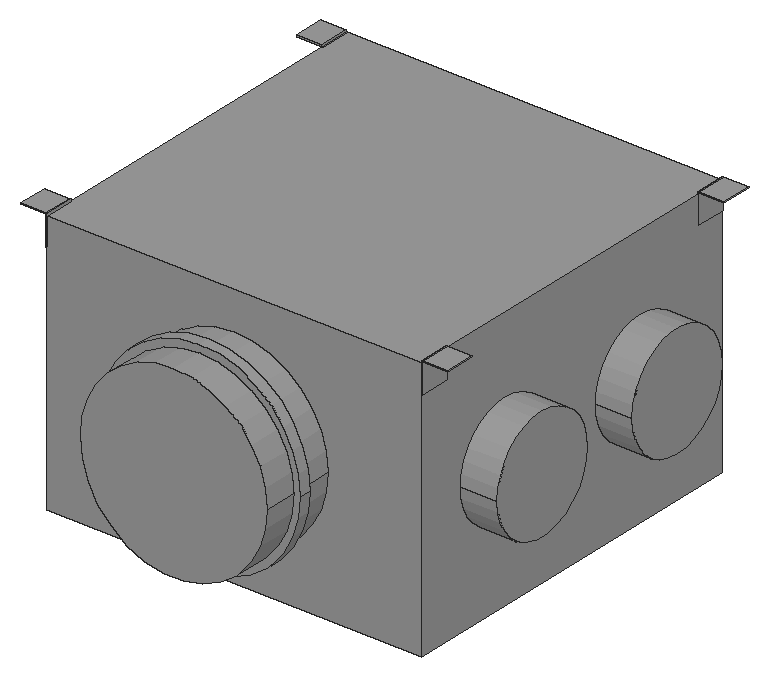
Revit family "FASU(F4-150 250Φ)", category ダクト付属品, Revit 2020
Family settings
  丸型コネクタ寸法 = 直径を使用
  パーツ タイプ = ダンパー
  OmniClass 番号 = 23.75.00.00
  OmniClass タイトル = Climate Control (HVAC)
  作業面ベース = いいえ
  常に垂直 = はい
  ロード時にボイドで切り取り = いいえ
  共有 = いいえ
Parameters
  高さ = 350 mm
  風量 = 0.0 L/s
  符号 = "FASU"
  形式 = "F4-150 250φ"
  幅 [instance] = 500 mm
  奥行き = 500 mm
  大きさ = 250 mm
  呼称 = "FASUチャンバー"
  付属品_下端レベル [instance] = 0 mm
  マテリアル [instance] = 既定値
  ダクト_イン = 250 mm
  ダクト_アウト = 150 mm
  既定の高さ = 0 mm
Reference planes
  plane 1 "中心(正面/背面)": y = 0
  plane 2: z = 0
  plane 3 "中心(左/右)": x = 0
  plane 4: x = -250
  plane 5: x = 250
  plane 6: y = -500
  plane 7: z = 350
  plane 8: z = 175
  plane 9: z = 266.963
  plane 10: z = 86.159
  plane 11: x = -125
  plane 12: x = 125
  plane 13: x = -135
  plane 14: x = 135
  plane 15: x = -251
  plane 16: z = 313.122
  plane 17: z = 352.122
  plane 18: y = -250
Forms (mm)
  Extrusion 1, solid, material "既定値" <- "マテリアル"
    sketch origin (0, 0, 0) x (1, 0, 0) y (0, 1, 0)
      loop
        line (-250, 0) -> (-250, -500) -> (250, -500) -> (250, 0) -> (-250, 0)
    from 0 to 350
  Extrusion 2, solid, material "既定値" <- "マテリアル"
    sketch origin (0, -30, 0) x (1, 0, 0) y (0, 0, 1)
      loop
        circle (0, 175) r 125
    from 470 to 512.5
  Extrusion 3, solid, material "既定値" <- "マテリアル"
    sketch origin (0, -30, 0) x (1, 0, 0) y (0, 0, 1)
      loop
        circle (0, 175) r 135
    from 512.5 to 527.5
  Extrusion 4, solid, material "既定値" <- "マテリアル"
    sketch origin (0, -117.5, 0) x (1, 0, 0) y (0, 0, 1)
      loop
        circle (0, 175) r 125
    from 440 to 482.5
  Extrusion 5, solid, material "既定値" <- "マテリアル"
    sketch origin (0, -30, 0) x (0, 1, 0) y (0, 0, 1)
      loop
        circle (-332.5, 175) r 74.985
    from -300 to -250
  Extrusion 6, solid, material "既定値" <- "マテリアル"
    sketch origin (550, -30, 0) x (0, 1, 0) y (0, 0, 1)
      loop
        circle (-332.5, 175) r 74.985
    from -300 to -250
  Extrusion 7, solid, material "既定値" <- "マテリアル"
    sketch origin (0, -30, 0) x (1, 0, 0) y (0, 1, 0)
      loop
        line (-250, 30) -> (-251, 30) -> (-251, -10) -> (-250, -10) -> (-250, 30)
    from 313.122 to 350
  Extrusion 8, solid, material "既定値" <- "マテリアル"
    sketch origin (0, -30, 0) x (1, 0, 0) y (0, 1, 0)
      loop
        line (-285, 30) -> (-285, -10) -> (-251, -10) -> (-251, 30) -> (-285, 30)
    from 352.122 to 350
  Extrusion 9, solid, material "既定値" <- "マテリアル"
    sketch origin (0, -30, 0) x (-1, 0, 0) y (0, -1, 0)
      loop
        line (-250, -30) -> (-250, 10) -> (-251, 10) -> (-251, -30) -> (-250, -30)
    from 313.122 to 353.122
  Extrusion 10, solid, material "既定値" <- "マテリアル"
    sketch origin (0, -30, 0) x (-1, 0, 0) y (0, -1, 0)
      loop
        line (-285, -30) -> (-251, -30) -> (-251, 10) -> (-285, 10) -> (-285, -30)
    from 352.122 to 353.122
  Extrusion 11, solid, material "既定値" <- "マテリアル"
    sketch origin (0, -490, 0) x (1, 0, 0) y (0, 1, 0)
      loop
        line (-285, 30) -> (-285, -10) -> (-251, -10) -> (-251, 30) -> (-285, 30)
    from 352.122 to 353.122
  Extrusion 12, solid, material "既定値" <- "マテリアル"
    sketch origin (0, -490, 0) x (1, 0, 0) y (0, 1, 0)
      loop
        line (-250, 30) -> (-251, 30) -> (-251, -10) -> (-250, -10) -> (-250, 30)
    from 313.122 to 353.122
  Extrusion 13, solid, material "既定値" <- "マテリアル"
    sketch origin (0, -490, 0) x (-1, 0, 0) y (0, -1, 0)
      loop
        line (-285, -30) -> (-251, -30) -> (-251, 10) -> (-285, 10) -> (-285, -30)
    from 352.122 to 353.122
  Extrusion 14, solid, material "既定値" <- "マテリアル"
    sketch origin (0, -490, 0) x (-1, 0, 0) y (0, -1, 0)
      loop
        line (-250, -30) -> (-250, 10) -> (-251, 10) -> (-251, -30) -> (-250, -30)
    from 313.122 to 353.122
  Extrusion 15, solid, material "既定値" <- "マテリアル"
    sketch origin (550, -470, 0) x (0, -1, 0) y (0, 0, -1)
      loop
        circle (-332.5, -175) r 74.985
    from -300 to -250
  Extrusion 16, solid, material "既定値" <- "マテリアル"
    sketch origin (-550, -470, 0) x (0, -1, 0) y (0, 0, 1)
      loop
        circle (-332.5, 175) r 74.985
    from -300 to -250
Lines and regions (mm)
  model lines
    curve 1: line (-250, -30, 0) -> (250, -30, 0)
    curve 2: line (-250, -470, 0) -> (250, -470, 0)
Text (mm)
  text "FASU(F4-150 250Φ)" at (120.822, -450.782, 0), in view "参照レベル"
Dimensions and locks
  equal spacing: plane 4, plane 3 "中心(左/右)", plane 5
  "幅": plane 4 to plane 5
  "奥行き": plane 6 to plane 1 "中心(正面/背面)"
  "高さ": plane 7 to level
  equal spacing: plane 7, plane 8, level
  equal spacing: plane 6, plane 18, plane 1 "中心(正面/背面)"
  aligned and locked: level to plane 2
  aligned and locked: Extrusion 1 sketch curve to plane 5
  aligned and locked: plane 7 to Extrusion 1
  aligned and locked: plane 4 to Extrusion 5
  aligned and locked: Extrusion 6 to plane 5
  aligned and locked: Extrusion 7 sketch curve to Extrusion 1
  aligned and locked: plane 7 to Extrusion 7
  aligned and locked: Extrusion 8 sketch curve to Extrusion 7
  aligned and locked: Extrusion 7 to Extrusion 8 sketch curve
  aligned and locked: plane 7 to Extrusion 8
  aligned and locked: Extrusion 8 to plane 17
  aligned and locked: Extrusion 9 to Extrusion 10 sketch curve
  aligned and locked: Extrusion 10 sketch curve to Extrusion 9
  aligned and locked: Extrusion 3 to Extrusion 4
  aligned and locked: Extrusion 3 to Extrusion 2
  aligned and locked: Extrusion 1 to Extrusion 13
  aligned and locked: Extrusion 11 to Extrusion 1
  aligned and locked: Extrusion 12 to Extrusion 1
  aligned and locked: Extrusion 1 to Extrusion 14
  aligned and locked: Extrusion 14 to Extrusion 13
  aligned and locked: Extrusion 12 to Extrusion 11
  aligned and locked: plane 4 to Extrusion 12
  aligned and locked: Extrusion 14 to plane 5
  aligned and locked: plane 4 to curve 1
  aligned and locked: plane 5 to curve 1
  aligned and locked: plane 5 to curve 2
  aligned and locked: plane 4 to curve 2
  aligned and locked: Extrusion 1 to Extrusion 8
  aligned and locked: Extrusion 10 to Extrusion 1
  aligned and locked: Extrusion 9 to plane 5
  aligned and locked: Extrusion 1 to plane 6
  aligned and locked: Extrusion 1 to plane 1 "中心(正面/背面)"
  aligned and locked: plane 6 to Extrusion 2
  aligned and locked: Extrusion 15 to plane 5
  aligned and locked: plane 4 to Extrusion 16
Automatic sketch dimensions
  plane 6 to curve 2 = 30 mm
  plane 1 "中心(正面/背面)" to curve 1 = 30 mm
  Extrusion 1 sketch curve to plane 4 = 0 mm
  Extrusion 1 sketch curve to plane 6 = 0 mm
  plane 1 "中心(正面/背面)" to Extrusion 1 sketch curve = 0 mm
  Extrusion 2 sketch curve to plane 3 "中心(左/右)" = 0 mm
  Extrusion 2 sketch curve to plane 8 = 0 mm
  Extrusion 3 sketch curve to plane 3 "中心(左/右)" = 0 mm
  Extrusion 3 sketch curve to plane 8 = 0 mm
  Extrusion 4 sketch curve to plane 3 "中心(左/右)" = 0 mm
  Extrusion 4 sketch curve to plane 8 = 0 mm
  Extrusion 5 sketch curve to plane 8 = 0 mm
  Extrusion 6 sketch curve to plane 8 = 0 mm
  plane 1 "中心(正面/背面)" to Extrusion 7 sketch curve = 0 mm
  Extrusion 7 sketch curve to plane 15 = 0 mm
  Extrusion 7 sketch curve to Extrusion 7 sketch curve = 40 mm
  plane 1 "中心(正面/背面)" to Extrusion 8 sketch curve = 0 mm
  Extrusion 8 sketch curve to Extrusion 8 sketch curve = 34 mm
  plane 1 "中心(正面/背面)" to Extrusion 9 sketch curve = 0 mm
  Extrusion 9 sketch curve to plane 5 = 0 mm
  Extrusion 9 sketch curve to Extrusion 9 sketch curve = 1 mm
  Extrusion 9 sketch curve to Extrusion 9 sketch curve = 40 mm
  plane 1 "中心(正面/背面)" to Extrusion 10 sketch curve = 0 mm
  Extrusion 10 sketch curve to Extrusion 10 sketch curve = 34 mm
  Extrusion 11 sketch curve to plane 6 = 0 mm
  Extrusion 11 sketch curve to plane 15 = 0 mm
  Extrusion 11 sketch curve to Extrusion 11 sketch curve = 34 mm
  Extrusion 12 sketch curve to plane 15 = 0 mm
  Extrusion 12 sketch curve to plane 4 = 0 mm
  Extrusion 12 sketch curve to plane 6 = 0 mm
  Extrusion 13 sketch curve to plane 6 = 0 mm
  Extrusion 13 sketch curve to plane 5 = 35 mm
  Extrusion 13 sketch curve to plane 5 = 1 mm
  Extrusion 14 sketch curve to plane 6 = 0 mm
  Extrusion 14 sketch curve to plane 5 = 0 mm
  Extrusion 14 sketch curve to Extrusion 14 sketch curve = 1 mm
  Extrusion 15 sketch curve to plane 8 = 0 mm
  plane 18 to Extrusion 15 sketch curve = 112.5 mm
  Extrusion 16 sketch curve to plane 8 = 0 mm
  plane 18 to Extrusion 16 sketch curve = 112.5 mm
  Extrusion 5 sketch curve to plane 18 = 112.5 mm
  Extrusion 6 sketch curve to plane 18 = 112.5 mm
  plane 6 to Extrusion 11 sketch curve = 40 mm
  plane 6 to Extrusion 12 sketch curve = 40 mm
  Extrusion 13 sketch curve to plane 6 = 40 mm
  Extrusion 14 sketch curve to plane 6 = 40 mm
  radius of Extrusion 2 sketch curve = 125 mm
  radius of Extrusion 3 sketch curve = 135 mm
  radius of Extrusion 4 sketch curve = 125 mm
  radius of Extrusion 5 sketch curve = 74.985 mm
  radius of Extrusion 6 sketch curve = 74.985 mm
  radius of Extrusion 15 sketch curve = 74.985 mm
  radius of Extrusion 16 sketch curve = 74.985 mm
Connectors
  hvac at (-300, -362.5, 175), driven by "ダクト_アウト"
    settings: on Extrusion 5, index 1, duct flow 0.0 L/s, flow factor 0, pres drop 0.0 Pa, loss coef 0, conn angle 0.00°, conn width 304.8 mm, conn height 304.8 mm, conn diameter 150 mm, duct sys type 29, conn prof type 0, flow config 0, flow direction 2, loss method 0, conn ref index -1, conn util no, is conn primary yes, conn desc ""
  hvac at (-300, -137.5, 175), driven by "ダクト_アウト"
    settings: on Extrusion 16, index 2, duct flow 0.0 L/s, flow factor 0, pres drop 0.0 Pa, loss coef 0, conn angle 0.00°, conn width 304.8 mm, conn height 304.8 mm, conn diameter 150 mm, duct sys type 29, conn prof type 0, flow config 0, flow direction 2, loss method 0, conn ref index -1, conn util no, is conn primary no, conn desc ""
  hvac at (300, -362.5, 175), driven by "ダクト_アウト"
    settings: on Extrusion 6, index 3, duct flow 0.0 L/s, flow factor 0, pres drop 0.0 Pa, loss coef 0, conn angle 0.00°, conn width 304.8 mm, conn height 304.8 mm, conn diameter 150 mm, duct sys type 29, conn prof type 0, flow config 0, flow direction 2, loss method 0, conn ref index -1, conn util no, is conn primary no, conn desc ""
  hvac at (300, -137.5, 175), driven by "ダクト_アウト"
    settings: on Extrusion 15, index 4, duct flow 0.0 L/s, flow factor 0, pres drop 0.0 Pa, loss coef 0, conn angle 0.00°, conn width 304.8 mm, conn height 304.8 mm, conn diameter 150 mm, duct sys type 29, conn prof type 0, flow config 0, flow direction 2, loss method 0, conn ref index -1, conn util no, is conn primary no, conn desc ""
  hvac at (0, -600, 175), driven by "ダクト_イン"
    settings: on Extrusion 4, index 5, duct flow 0.0 L/s, flow factor 0, pres drop 0.0 Pa, loss coef 0, conn angle 0.00°, conn width 304.8 mm, conn height 304.8 mm, conn diameter 250 mm, duct sys type 1, conn prof type 0, flow config 0, flow direction 1, loss method 0, conn ref index -1, conn util no, is conn primary no, conn desc ""
